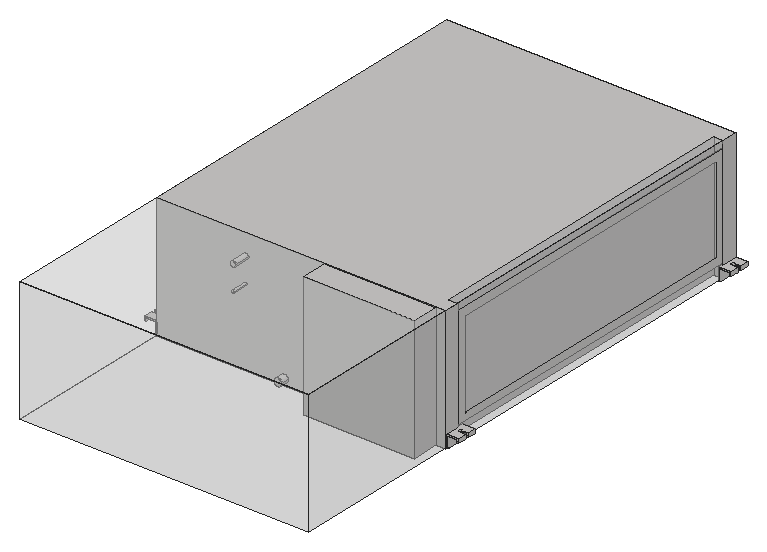
Revit family "outputfile", category 機械設備, Revit 2024
Family settings
  丸型コネクタ寸法 = 半径を使用
  パーツ タイプ = 標準
  OmniClass 番号 = 23.75.10.24.21.27.27
  OmniClass タイトル = Split System Air Conditioning Units
  作業面ベース = いいえ
  常に垂直 = はい
  ロード時にボイドで切り取り = いいえ
  注釈の向きを維持 = いいえ
  共有 = いいえ
  部屋計算ポイント = はい
Parameters (values of type "FXMQ72MFVJU")
  Description = ""
  製造元 = "Daikin"
  書き出し IFC クラス(タイプ) = "IfcUnitaryEquipmentType"
  定義済み IFC タイプ(タイプ) = "AIRCONDITIONINGUNIT"
  Cost = 0
  モデル = "FXMQ72MFVJU"
  Type Comments = ""
  Keynote = ""
  Type Image = (empty or 0)
  Assembly Code = ""
  w_dischargeflange = 1260.0 mm
  w_suctionflange = 1260.0 mm
  r_Liquid Pipe Size = Liquid Pipe Size / 2  # 4.75 mm
  r_Gas Pipe Size = Gas Pipe Size / 2  # 9.55 mm
  r_Drain Pipe Size = Drain Pipe Size / 2  # 13.8 mm
  lw_powersupply = 247.5 mm  # constant formula
  lw_mountinghole_pitch = 1148.0 mm  # constant formula
  lw_mountinghole = if(Depth = 744.0 mm, 29.5 mm, if(Depth = 1380.0 mm, 42.0 mm, 42.0 mm))  # 42.0 mm
  lw_liquidpipe = 760.0 mm  # constant formula
  lw_gaspipe = 760.0 mm  # constant formula
  lw_drainpipe = 613.0 mm  # constant formula
  lh_dischargeflange = 250.0 mm  # constant formula
  lh_powersupply = 20.0 mm  # constant formula
  lh_liquidpipe = 296.0 mm  # constant formula
  lh_gaspipe = 390.0 mm  # constant formula
  lh_drainpipe = 25.0 mm  # constant formula
  lh_suctionflange = 250.0 mm  # constant formula
  lh_antena = Height - lh_mountinghole + 1.0 mm  # 421.0 mm
  ld_dischargeflange = 690.0 mm
  ld_powersupply = 211.5 mm  # constant formula
  ld_mountinghole_pitch = if(Depth = 744.0 mm, 685.0 mm, if(Depth = 1380.0 mm, 1296.0 mm, 1296.0 mm))  # 1296.0 mm
  ld_suctionflange = 690.0 mm
  h_dischargeflange = 390.0 mm  # constant formula
  lh_mountinghole = 50.0 mm  # constant formula
  h_mountinghole = [h***] + lh_mountinghole  # 50.0 mm
  h_suctionflange = 390.0 mm  # constant formula
  h*** = 0.0 mm  # constant formula
  d_dischargeflange = 25.0 mm  # constant formula
  d_pipe = if(Depth = 744.0 mm, 61.0 mm, if(Depth = 1380.0 mm, 60.0 mm, 60.0 mm))  # 60.0 mm
  d_suctionflange = 25.0 mm  # constant formula
  Width = 1100.0 mm
  Voltage_comment_60Hz = "208-230"
  Voltage_60Hz = 208 V
  Version = "ver.1.0"
  Unit Type = "Outdoor Air Processing Unit"
  Unit Mass Weight = 123.00 kg
  Unit Designation [instance] = ""
  Uniclass2015Version = "Products v1.30"
  Uniclass2015Title = "Variable refrigerant flow units"
  Uniclass2015Code = "Pr_70_65_03_94"
  URL = ""
  Total Heating Capacity [instance] = 0.000 kW
  Total Cooling Capacity [instance] = 0.000 kW
  Supply Air Direction [instance] = yes
  Sound Pressure Level_M speed (dBA) = 0
  Sound Pressure Level_L speed (dBA) = 0
  Sound Pressure Level_H speed (dBA) = 48
  Sound Power Level_H speed (dB) = 0
  Series = "VRV Fan Coil Unit"
  Sensible Cooling Capacity [instance] = 0.000 kW
  SA Duct Size Width = 1200.0 mm
  SA Duct Size Height = 330.0 mm
  Refrigerant Type = "R410A"
  Power Input (Heating) = 0.548 kW
  Power Input (Cooling) = 0.548 kW
  Phase_60Hz = 1
  Option Accessory 3 [instance] = ""
  Option Accessory 2 [instance] = ""
  Option Accessory 1 [instance] = ""
  OA Duct Size Width = 1200.0 mm
  OA Duct Size Height = 330.0 mm
  Nominal Heating Capacity = 13.900 kW
  Nominal Cooling Capacity = 22.400 kW
  Minimum External Static Pressure = 0.00 Pa
  Minimum Circuit Amps_60Hz = 3.6 A
  Minimum Airflow = 0.00 m³/h
  Median Airflow = 0.00 m³/h
  Maximum Fuse Amps_60Hz = 15.0 A
  Maximum External Static Pressure = 239.00 Pa
  Maximum Airflow = 1680.00 m³/h
  Material_Casing = DAIKIN_GalvanizedSteel_Casing_indoorunit
  Load Classification = HVAC
  Liquid Pipe Size = 9.5 mm
  Link_Nested Family [instance] = ""
  IfcVersion = "0"
  IfcExportType = "AIRCONDITIONINGUNIT"
  IfcExportAs = "IfcUnitaryEquipmentType"
  Height = 470.0 mm
  Heating Entering Wet Bulb Temperature [instance] = 0.00 °C
  Heating Entering Dry Bulb Temperature [instance] = 0.00 °C
  Heating Ambient Wet Bulb Temperature [instance] = 0.00 °C
  Heating Ambient Dry Bulb Temperature [instance] = 0.00 °C
  Heat Exchanger Type = "Cross Fin Coil"
  Gas Pipe Size = 19.1 mm
  Frequency_60Hz = 60 Hz
  Fan Type = "Sirocco Fan"
  Fan Drive = "Direct Drive"
  FCU Tag No. [instance] = ""
  Drain Pipe Size = 27.6 mm
  Design Supply Airflow [instance] = 0.00 m³/h
  Design Outdoor Airflow [instance] = 0.00 m³/h
  Design External Static Pressure [instance] = 0.00 Pa
  Depth = 1380.0 mm
  既定の高さ = 0.0 mm
  Cooling Entering Wet Bulb Temperature [instance] = 0.00 °C
  Cooling Entering Dry Bulb Temperature [instance] = 0.00 °C
  Cooling Ambient Wet Bulb Temperature [instance] = 0.00 °C
  Cooling Ambient Dry Bulb Temperature [instance] = 0.00 °C
  Clearance visibility [instance] = yes
  Clearance Top = 0.0 mm
  Clearance Right = 0.0 mm
  Clearance Rear = 0.0 mm
  Clearance Left = 0.0 mm
  Clearance Front = 650.0 mm
  Clearance Bottom = 0.0 mm
Reference planes
  plane 1 "Center (Front/Back)": y = 0
  plane 2: z = 0
  plane 3 "Center (Left/Right)": x = 0
  plane 4 "Back": y = 690
  plane 5 "Front": y = -690
  plane 6 "Left": x = -550
  plane 7 "Right": x = 550
  plane 8 "Top": z = 0
  plane 9 "Bottom": z = -470
  plane 10: y = 690
  plane 11: y = -1340
  plane 12: x = 550
  plane 13: x = -550
  plane 14: z = 0
  plane 15: z = -470
  plane 16: y = -792
  plane 17: y = -720
  plane 18: y = -750
  plane 19 "ld_drainpipe": x = -63
  plane 20 "ld_liquidpipe": x = -210
  plane 21 "ld_gaspipe": x = -210
  plane 22 "lh_gaspipe": z = -80
  plane 23 "lh_drainpipe": z = -445
  plane 24 "lh_liquidpipe": z = -174
  plane 25 "h_mountinghole": z = -420
  plane 26 "lh_powersuply": z = -450
  plane 27 "lh_suctionflange": z = -220
  plane 28 "ld_suctionflange": y = 0
  plane 29 "ld_dischargeflange": y = 0
  plane 30 "lh_dischargeflange": z = -220
  plane 31 "control box1": x = 514
  plane 32 "control box2": x = 91
  plane 33: y = -741
  plane 34 "lw_powersupply": x = 302.5
  plane 35: y = 648
  plane 36: y = -648
  plane 37: x = -574
  plane 38: x = 574
  plane 39 "w_suctionflange1": y = 630
  plane 40 "w_suctionflange2": y = -630
Forms (mm)
  Extrusion 1, solid, material "DAIKIN_GalvanizedSteel_Casing_indoorunit" <- "Material_Casing"
    sketch origin (0, 0, 0) x (1, 0, 0) y (0, 0, 1)
      loop
        line (-550, 0) -> (-550, -470) -> (550, -470) -> (550, 0) -> (-550, 0)
    from -690 to 690
  Extrusion 2, solid, material "DAIKIN_GalvanizedSteel_Casing_indoorunit" <- "Material_Casing"
    sketch origin (0, 0, 0) x (1, 0, 0) y (0, 0, 1)
      loop
        line (91, -470) -> (514, -470) -> (514, 0) -> (91, 0) -> (91, -470)
    from 690 to 792
  Extrusion 3, solid, material "DAIKIN_GalvanizedSteel_Casing_indoorunit" <- "Material_Casing"
    sketch origin (0, 0, 0) x (1, 0, 0) y (0, 0, 1)
      loop
        circle (-210, -174) r 4.75
      loop
        circle (-210, -80) r 9.55
    from 690 to 750
  Extrusion 4, solid, material "DAIKIN_GalvanizedSteel_Casing_indoorunit" <- "Material_Casing"
    sketch origin (63, 0, 0) x (1, 0, 0) y (0, 0, 1)
      loop
        circle (-126, -445) r 13.8
    from 690 to 720
  Extrusion 5, void
    sketch origin (0, 0, 0) x (0, 1, 0) y (0, 0, 1)
      loop
        line (-630, 545) -> (-630, -985) -> (630, -985) -> (630, 545) -> (-630, 545)
    from 514 to 550
Cuts and joins
  Extrusion 5 cuts Extrusion 1
Dimensions and locks
  "Height": plane 8 "Top" to plane 9 "Bottom"
  equal spacing: plane 6 "Left", plane 3 "Center (Left/Right)", plane 7 "Right"
  "Width": plane 6 "Left" to plane 7 "Right"
  equal spacing: plane 4 "Back", plane 1 "Center (Front/Back)", plane 5 "Front"
  "Depth": plane 4 "Back" to plane 5 "Front"
  "Clearance Left": plane 13 to plane 6 "Left"
  "Clearance Right": plane 7 "Right" to plane 12
  "Clearance Rear": plane 10 to plane 4 "Back"
  "Clearance Front": plane 5 "Front" to plane 11
  "Clearance Top": plane 14 to plane 8 "Top"
  "Clearance Bottom": plane 9 "Bottom" to plane 15
  locked: plane 5 "Front" to plane 16 at 102
  "d_pipe": plane 5 "Front" to plane 18
  "lw_drainpipe": plane 19 "ld_drainpipe" to plane 7 "Right"
  "lw_liquidpipe": plane 20 "ld_liquidpipe" to plane 7 "Right"
  "lw_gaspipe": plane 21 "ld_gaspipe" to plane 7 "Right"
  "lh_gaspipe": plane 22 "lh_gaspipe" to plane 9 "Bottom"
  "lh_liquidpipe": plane 24 "lh_liquidpipe" to plane 9 "Bottom"
  "lh_drainpipe": plane 23 "lh_drainpipe" to plane 9 "Bottom"
  "lh_mountinghole": plane 25 "h_mountinghole" to plane 9 "Bottom"
  "lh_powersupply": plane 26 "lh_powersuply" to plane 9 "Bottom"
  "lh_suctionflange": plane 27 "lh_suctionflange" to plane 9 "Bottom"
  "ld_suctionflange": plane 28 "ld_suctionflange" to plane 5 "Front"
  "ld_dischargeflange": plane 4 "Back" to plane 29 "ld_dischargeflange"
  "lh_dischargeflange": plane 30 "lh_dischargeflange" to plane 9 "Bottom"
  locked: plane 5 "Front" to plane 17 at 30
  locked: plane 32 "control box2" to plane 31 "control box1" at 423
  locked: plane 31 "control box1" to plane 7 "Right" at 36
  "lw_powersupply": plane 34 "lw_powersupply" to plane 7 "Right"
  equal spacing: plane 37, plane 3 "Center (Left/Right)", plane 38
  "lw_mountinghole_pitch": plane 37 to plane 38
  "lw_mountinghole": plane 36 to plane 5 "Front"
  "ld_mountinghole_pitch": plane 35 to plane 36
  equal spacing: plane 5 "Front", plane 33, plane 16, locked at 51 each
  equal spacing: plane 39 "w_suctionflange1", plane 29 "ld_dischargeflange", plane 40 "w_suctionflange2"
  "w_suctionflange": plane 39 "w_suctionflange1" to plane 40 "w_suctionflange2"
  "r_Liquid Pipe Size": radius of Extrusion 3 sketch curve
  "r_Gas Pipe Size": radius of Extrusion 3 sketch curve
  "r_Drain Pipe Size": radius of Extrusion 4 sketch curve
  aligned and locked: level to plane 2
  aligned and locked: Extrusion 1 sketch curve to plane 8 "Top"
  aligned and locked: Extrusion 1 sketch curve to plane 6 "Left"
  aligned and locked: plane 9 "Bottom" to Extrusion 1 sketch curve
  aligned and locked: Extrusion 1 sketch curve to plane 7 "Right"
  aligned and locked: plane 4 "Back" to Extrusion 1
  aligned and locked: Extrusion 1 to plane 5 "Front"
  aligned and locked: plane 10 to nested 1
  aligned and locked: plane 11 to nested 1
  aligned and locked: plane 12 to nested 1
  aligned and locked: nested 1 to plane 13
  aligned and locked: plane 15 to nested 1
  aligned and locked: plane 14 to nested 1
  aligned and locked: Extrusion 2 to plane 16
  aligned and locked: plane 5 "Front" to Extrusion 2
  aligned and locked: plane 24 "lh_liquidpipe" to Extrusion 3 sketch curve
  aligned and locked: plane 20 "ld_liquidpipe" to Extrusion 3 sketch curve
  aligned and locked: plane 21 "ld_gaspipe" to Extrusion 3 sketch curve
  aligned and locked: plane 22 "lh_gaspipe" to Extrusion 3 sketch curve
  aligned and locked: Extrusion 3 to plane 18
  aligned and locked: plane 5 "Front" to Extrusion 3
  aligned and locked: nested 2 to plane 5 "Front"
  aligned and locked: nested 2 to plane 19 "ld_drainpipe"
  aligned and locked: plane 23 "lh_drainpipe" to nested 2
  aligned and locked: nested 3 to plane 5 "Front"
  aligned and locked: nested 4 to plane 5 "Front"
  aligned and locked: plane 24 "lh_liquidpipe" to nested 3
  aligned and locked: plane 22 "lh_gaspipe" to nested 4
  aligned and locked: plane 25 "h_mountinghole" to nested 5
  aligned and locked: plane 25 "h_mountinghole" to nested 6
  aligned and locked: nested 7 to plane 25 "h_mountinghole"
  aligned and locked: nested 8 to plane 25 "h_mountinghole"
  aligned and locked: nested 13 to plane 26 "lh_powersuply"
  aligned and locked: plane 1 "Center (Front/Back)" to nested 14
  aligned and locked: nested 14 to plane 3 "Center (Left/Right)"
  aligned and locked: nested 15 to plane 29 "ld_dischargeflange"
  aligned and locked: nested 15 to plane 6 "Left"
  aligned and locked: plane 30 "lh_dischargeflange" to nested 15
  aligned and locked: nested 16 to plane 6 "Left"
  aligned and locked: nested 16 to plane 29 "ld_dischargeflange"
  aligned and locked: plane 28 "ld_suctionflange" to nested 17
  aligned and locked: nested 17 to plane 27 "lh_suctionflange"
  aligned and locked: nested 16 to plane 30 "lh_dischargeflange"
  aligned and locked: nested 3 to plane 20 "ld_liquidpipe"
  aligned and locked: nested 4 to plane 21 "ld_gaspipe"
  aligned and locked: Extrusion 2 sketch curve to plane 31 "control box1"
  aligned and locked: Extrusion 2 sketch curve to plane 32 "control box2"
  aligned and locked: Extrusion 2 sketch curve to plane 14
  aligned and locked: Extrusion 2 sketch curve to plane 15
  aligned and locked: plane 19 "ld_drainpipe" to Extrusion 4 sketch curve
  aligned and locked: plane 23 "lh_drainpipe" to Extrusion 4 sketch curve
  aligned and locked: Extrusion 4 to plane 17
  aligned and locked: nested 13 to plane 34 "lw_powersupply"
  aligned and locked: plane 33 to nested 13
  aligned and locked: nested 5 to plane 35
  aligned and locked: plane 35 to nested 7
  aligned and locked: nested 6 to plane 36
  aligned and locked: plane 36 to nested 8
  aligned and locked: nested 18 to plane 1 "Center (Front/Back)"
  aligned and locked: plane 27 "lh_suctionflange" to nested 18
  aligned and locked: Extrusion 5 sketch curve to plane 39 "w_suctionflange1"
  aligned and locked: Extrusion 5 sketch curve to plane 40 "w_suctionflange2"
  aligned and locked: plane 7 "Right" to Extrusion 5
  aligned and locked: plane 7 "Right" to nested 18
  aligned and locked: plane 3 "Center (Left/Right)" to nested 17
  aligned and locked: nested 11 to plane 37
  aligned and locked: nested 12 to plane 38
  aligned and locked: nested 10 to plane 37
  aligned and locked: nested 9 to plane 38
  aligned and locked: nested 5 to plane 6 "Left"
  aligned and locked: nested 7 to plane 7 "Right"
  aligned and locked: nested 8 to plane 7 "Right"
  aligned and locked: nested 9 to plane 36
  aligned and locked: nested 10 to plane 36
  aligned and locked: nested 12 to plane 35
  aligned and locked: nested 11 to plane 35
  aligned and locked: Extrusion 5 to Extrusion 2
  aligned and locked: plane 5 "Front" to Extrusion 4
Automatic sketch dimensions
  level to Extrusion 5 sketch curve = 545.0 mm
  Extrusion 5 sketch curve to plane 9 "Bottom" = 515.0 mm
Nested families
  nested 1: "daikin_clearancespace" at (0, -325, -234.881), visible <- "Clearance visibility", show <- "Clearance visibility", Link_Nested Family <- "Link_Nested Family", type "daikin_clearancespace"
    with width 1100.0 mm, show yes, height 470.0 mm, depth 2030.0 mm, Link_Nested Family ""
  nested 2: "daikin_connector_rotate2" at (-63, -690, -445), radius <- "r_Drain Pipe Size", type "daikin_connector_rotate2"
    with radius 13.8 mm, length 30.0 mm, angle_vertical 90.00°, show_face no
  nested 3: "daikin_connector_rotate2" at (-210, -690, -174), length <- "d_pipe", radius <- "r_Liquid Pipe Size", type "daikin_connector_rotate2"
    with radius 4.75 mm, length 60.0 mm, angle_vertical 90.00°, show_face no
  nested 4: "daikin_connector_rotate2" at (-210, -690, -80), length <- "d_pipe", radius <- "r_Gas Pipe Size", type "daikin_connector_rotate2"
    with radius 9.55 mm, length 60.0 mm, angle_vertical 90.00°, show_face no
  nested 5: "daikin_hangerfixture_FXMQ-MFVJU" at (-550, 648, -420) x (0, -1, 0) z (0, 0, 1), type "daikin_hangerfixture_FXMQ-MFVJU"
    with width 80.0 mm, D 1380.0 mm
  nested 6: "daikin_hangerfixture_FXMQ-MFVJU" at (-550, -648, -420) x (0, -1, 0) z (0, 0, 1), type "daikin_hangerfixture_FXMQ-MFVJU"
    with width 80.0 mm, D 1380.0 mm
  nested 7: "daikin_hangerfixture_FXMQ-MFVJU" at (550, 648, -420) x (0, -1, 0) z (0, 0, 1), type "daikin_hangerfixture_FXMQ-MFVJU"
    with width 80.0 mm, D 1380.0 mm
  nested 8: "daikin_hangerfixture_FXMQ-MFVJU" at (550, -648, -420) x (0, -1, 0) z (0, 0, 1), type "daikin_hangerfixture_FXMQ-MFVJU"
    with width 80.0 mm, D 1380.0 mm
  nested 9: "daikin_mountinghole" at (574, -648, -470), Link_Nested Family <- "Link_Nested Family", l_antenna <- "lh_antena", h_mountinghole <- "h_mountinghole", type "daikin_mountinghole"
    with show yes, l_antenna 421.0 mm, h_mountinghole 50.0 mm, Link_Nested Family ""
  nested 10: "daikin_mountinghole" at (-574, -648, -470), Link_Nested Family <- "Link_Nested Family", l_antenna <- "lh_antena", h_mountinghole <- "h_mountinghole", type "daikin_mountinghole"
    with show yes, l_antenna 421.0 mm, h_mountinghole 50.0 mm, Link_Nested Family ""
  nested 11: "daikin_mountinghole" at (-574, 648, -470), Link_Nested Family <- "Link_Nested Family", l_antenna <- "lh_antena", h_mountinghole <- "h_mountinghole", type "daikin_mountinghole"
    with show yes, l_antenna 421.0 mm, h_mountinghole 50.0 mm, Link_Nested Family ""
  nested 12: "daikin_mountinghole" at (574, 648, -470), Link_Nested Family <- "Link_Nested Family", l_antenna <- "lh_antena", h_mountinghole <- "h_mountinghole", type "daikin_mountinghole"
    with show yes, l_antenna 421.0 mm, h_mountinghole 50.0 mm, Link_Nested Family ""
  nested 13: "daikin_connector_rotate2" at (302.5, -741, -450) x (0, 1, 0) z (0, 0, 1), length <- "ld_powersupply", type "daikin_connector_rotate2"
    with radius 10.0 mm, length 211.5 mm, angle_vertical 90.00°, show_face no
  nested 14: "daikin_△_symbolicline" at (0, 0, 470) x (0, -1, 0) z (0, 0, 1), visible <- "Supply Air Direction", built-in parameter 1001364 <- "Height", type "daikin_△_symbolicline"
    with length 300.0 mm
  nested 15: "daikin_ductflange_FXMQ-MFVJU_1" at (-550, 0, -415) x (0, -1, 0) z (0, 0, 1), material <- "Material_Casing", depth <- "d_dischargeflange", height <- "h_dischargeflange", width <- "w_dischargeflange", type "daikin_ductflange_FXMQ-MFVJU_1"
    with width 1260.0 mm, top1 30.0 mm, right1 30.0 mm, material DAIKIN_GalvanizedSteel_Casing_indoorunit, left1 30.0 mm, height 390.0 mm, depth 25.0 mm, Bottom1 30.0 mm
  nested 16: "daikin_connector_rotate2" at (-550, 0, -220) x (0, -1, 0) z (0, 0, 1), length <- "d_dischargeflange", type "daikin_connector_rotate2"
    with radius 10.0 mm, length 25.0 mm, angle_vertical 90.00°, show_face no
  nested 17: "daikin_connector_rotate2" at (0, 0, -220) x (0, 1, 0) z (0, 0, 1), type "daikin_connector_rotate2"
    with radius 10.0 mm, length 550.0 mm, angle_vertical 90.00°, show_face no
  nested 18: "daikin_ductflange_FXMQ-MFVJU_2" at (549, 0, -415) x (0, 1, 0) z (0, 0, 1), width <- "w_suctionflange", height <- "h_suctionflange", type "daikin_ductflange_FXMQ-MFVJU_2"
    with width 1260.0 mm, height 390.0 mm, depth 1.0 mm
Connectors
  piping at (-210, -750, -174), diameter 9.5, driven by "r_Liquid Pipe Size"
    settings: on nested 3, index 2, connector inside diameter 609.6 mm, connector length 0.0 mm, flow factor 0, pipe flow 0.00 m³/h, pressure drop 0.0 Pa, fitting loss kfactor 0, connector angle 0.00°, fixture units 0, engagement length 0.0 mm, angle of deflection 0.00°, flow configuration 1, flow direction 1, fitting loss method 0, system type 29, joint type 0, gender type 0, connector reference index -1, connector utility 0, adjustable connector no, is connector primary yes, connector description "Refrigerant Liquid Piping"
  piping at (-210, -750, -80), diameter 19.1, driven by "r_Gas Pipe Size"
    settings: on nested 4, index 3, connector inside diameter 609.6 mm, connector length 0.0 mm, flow factor 0, pipe flow 0.00 m³/h, pressure drop 0.0 Pa, fitting loss kfactor 0, connector angle 0.00°, fixture units 0, engagement length 0.0 mm, angle of deflection 0.00°, flow configuration 1, flow direction 2, fitting loss method 0, system type 29, joint type 0, gender type 0, connector reference index -1, connector utility 0, adjustable connector no, is connector primary no, connector description "Refrigerant Gas Piping"
  electrical at (514, -741, -450), driven by "Load Classification"
    settings: on nested 13, index 4, voltage 0 V, apparent load 0 VA, apparent load phase1 0 VA, apparent load phase2 0 VA, apparent load phase3 0 VA, power factor 1, load classification "HVAC", number of poles 1, system type 30, power factor state 1, is connector primary yes, connector utility no, sub classification motor no, connector description "Power Supply"
  hvac at (-575, 0, -220), driven by "SA Duct Size Height", driven by "SA Duct Size Width"
    settings: on nested 15, index 6, duct flow 0.00 m³/h, flow factor 0, pres drop 0.00 Pa, loss coef 0, conn angle 0.00°, conn width 1200.0 mm, conn height 330.0 mm, conn diameter 609.6 mm, duct sys type 1, conn prof type 1, flow config 0, flow direction 2, loss method 4, conn ref index -1, conn util no, is conn primary yes, conn desc "SA Duct"
  piping at (-63, -720, -445), diameter 27.6, driven by "r_Drain Pipe Size"
    settings: on Extrusion 4, index 7, connector inside diameter 609.6 mm, connector length 0.0 mm, flow factor 0, pipe flow 0.00 m³/h, pressure drop 0.0 Pa, fitting loss kfactor 0, connector angle 0.00°, fixture units 0, engagement length 0.0 mm, angle of deflection 0.00°, flow configuration 1, flow direction 2, fitting loss method 4, system type 16, joint type 0, gender type 0, connector reference index -1, connector utility 0, adjustable connector no, is connector primary no, connector description "Condensate Drain Piping"
  hvac at (550, 0, -220), driven by "OA Duct Size Height", driven by "OA Duct Size Width"
    settings: on nested 18, index 8, duct flow 0.00 m³/h, flow factor 0, pres drop 0.00 Pa, loss coef 0, conn angle 0.00°, conn width 1200.0 mm, conn height 330.0 mm, conn diameter 609.6 mm, duct sys type 1, conn prof type 1, flow config 0, flow direction 1, loss method 4, conn ref index -1, conn util no, is conn primary no, conn desc "OA Duct"
Definition of nested family "daikin_clearancespace"
  Parameters (values of type "daikin_clearancespace")
    width [instance] = 1823.963 mm
    show [instance] = yes
    material = none
    height [instance] = 1359.762 mm
    depth [instance] = 880.0 mm
    Default Elevation = 0.0 mm
    Link_Nested Family [instance] = ""
  Reference planes
    plane 1 "Center (Front/Back)": y = 0
    plane 2 "Center (Elevation)": z = -0.119
    plane 3 "Center (Left/Right)": x = 0
    plane 4: y = 440
    plane 5: y = -440
    plane 6 "Right": x = 911.982
    plane 7 "Left": x = -911.982
    plane 8 "Top": z = 679.762
    plane 9 "Bottom": z = -680
  Forms (mm)
    Extrusion 1, solid, material <- "material", visible <- "show"
      sketch origin (0, 0, 0) x (1, 0, 0) y (0, 1, 0)
        loop
          line (-911.982, 440) -> (-911.982, -440) -> (911.982, -440) -> (911.982, 440) -> (-911.982, 440)
      from -680 to 679.762
  Lines and regions (mm)
    symbolic lines, visible <- "show"
      curve 1: line (911.982, 440, 0) -> (-911.982, 440, 0)
      curve 2: line (-911.982, 440, 0) -> (-911.982, -440, 0)
      curve 3: line (-911.982, -440, 0) -> (911.982, -440, 0)
      curve 4: line (911.982, -440, 0) -> (911.982, 440, 0)
      curve 5: line (911.982, 0, 679.762) -> (-911.982, 0, 679.762)
      curve 6: line (911.982, 0, -680) -> (911.982, 0, 679.762)
      curve 7: line (-911.982, 0, -680) -> (911.982, 0, -680)
      curve 8: line (-911.982, 0, 679.762) -> (-911.982, 0, -680)
      curve 9: line (0, 440, 679.762) -> (0, -440, 679.762)
      curve 10: line (0, -440, 679.762) -> (0, -440, -680)
      curve 11: line (0, 440, -680) -> (0, 440, 679.762)
      curve 12: line (0, -440, -680) -> (0, 440, -680)
  Dimensions and locks
    "width": plane 7 "Left" to plane 6 "Right"
    "depth": plane 4 to plane 5
    "height": plane 8 "Top" to plane 9 "Bottom"
    equal spacing: plane 7 "Left", plane 3 "Center (Left/Right)", plane 6 "Right"
    equal spacing: plane 4, plane 1 "Center (Front/Back)", plane 5
    equal spacing: plane 8 "Top", plane 2 "Center (Elevation)", plane 9 "Bottom"
    aligned and locked: level to plane 2 "Center (Elevation)"
    aligned and locked: Extrusion 1 sketch curve to plane 4
    aligned and locked: plane 7 "Left" to Extrusion 1 sketch curve
    aligned and locked: Extrusion 1 sketch curve to plane 5
    aligned and locked: Extrusion 1 sketch curve to plane 6 "Right"
    aligned and locked: plane 8 "Top" to Extrusion 1
    aligned and locked: curve 1 to Extrusion 1
    aligned and locked: curve 2 to Extrusion 1
    aligned and locked: curve 3 to Extrusion 1
    aligned and locked: curve 4 to Extrusion 1
    aligned and locked: curve 5 to Extrusion 1
    aligned and locked: curve 6 to Extrusion 1
    aligned and locked: curve 7 to Extrusion 1
    aligned and locked: curve 8 to Extrusion 1
    aligned and locked: curve 9 to Extrusion 1
    aligned and locked: curve 10 to Extrusion 1
    aligned and locked: curve 11 to Extrusion 1
    aligned and locked: curve 12 to Extrusion 1
    aligned and locked: Extrusion 1 to plane 9 "Bottom"
Definition of nested family "daikin_hangerfixture_FXMQ-MFVJU"
  Parameters (values of type "daikin_hangerfixture_CeilingMountedDuct")
    width = if(D = 744.0 mm, 55.0 mm, if(D = 1380.0 mm, 80.0 mm, 80.0 mm))  # 55.0 mm
    material = none
    height = 50.0 mm
    depth = 47.0 mm
    Default Elevation = 0.0 mm
    D = 744.0 mm
  Reference planes
    plane 1 "Center (Front/Back)": y = 0
    plane 2: z = 0
    plane 3 "Center (Left/Right)": x = 0
    plane 4: y = 417.146
    plane 5: y = -47
    plane 6: x = -27.5
    plane 7: x = 27.5
    plane 8: z = -5
    plane 9: z = -50
    plane 10: y = -5
    plane 11: y = -42
    plane 12: y = -24
    plane 13: z = -15
  Forms (mm)
    Extrusion 1, solid, material <- "material"
      sketch origin (0, 0, 0) x (1, 0, 0) y (0, 1, 0)
        loop
          line (27.5, 0) -> (-27.5, 0) -> (-27.5, -47) -> (-7, -47) -> (-7, -24)
          arc (-7, -24) -> (0, -17) -> (7, -24) r 7
          line (7, -24) -> (7, -47) -> (27.5, -47) -> (27.5, 0)
      from 0 to -5
    Extrusion 2, solid, material <- "material"
      sketch origin (0, 0, 0) x (1, 0, 0) y (0, 0, 1)
        loop
          line (27.5, -40) -> (27.5, 0) -> (-27.5, 0) -> (-27.5, -40)
          arc (-27.5, -40) -> (-24.571, -47.071) -> (-17.5, -50) r 10
          line (-17.5, -50) -> (17.5, -50)
          arc (17.5, -50) -> (24.571, -47.071) -> (27.5, -40) r 10
      from 0 to 5
    Extrusion 3, solid, material <- "material"
      sketch origin (0, 0, 0) x (1, 0, 0) y (0, 0, 1)
        loop
          line (-7, -12) -> (-7, 0) -> (-27.5, 0) -> (-27.5, -12)
          arc (-27.5, -12) -> (-26.621, -14.121) -> (-24.5, -15) r 3
          line (-24.5, -15) -> (-10, -15)
          arc (-10, -15) -> (-7.879, -14.121) -> (-7, -12) r 3
        loop
          line (7, 0) -> (7, -12)
          arc (7, -12) -> (7.879, -14.121) -> (10, -15) r 3
          line (10, -15) -> (24.5, -15)
          arc (24.5, -15) -> (26.621, -14.121) -> (27.5, -12) r 3
          line (27.5, -12) -> (27.5, 0) -> (7, 0)
      from 42 to 47
  Cuts and joins
    joined: Extrusion 1, Extrusion 2, Extrusion 3
  Dimensions and locks
    "width": plane 6 to plane 7
    "depth": plane 5 to plane 1 "Center (Front/Back)"
    locked: plane 2 to plane 8 at 5
    "height": plane 2 to plane 9
    locked: plane 10 to plane 1 "Center (Front/Back)" at 5
    locked: plane 11 to plane 5 at 5
    locked: plane 2 to plane 13 at 15
    equal spacing: plane 6, plane 3 "Center (Left/Right)", plane 7
    plane 12 to plane 1 "Center (Front/Back)" = 24.0 mm
    aligned and locked: level to plane 2
    aligned and locked: Extrusion 1 sketch curve to plane 1 "Center (Front/Back)"
    aligned and locked: plane 7 to Extrusion 1
    aligned and locked: Extrusion 1 to plane 6
    aligned and locked: Extrusion 1 to plane 5  (x2)
    aligned and locked: Extrusion 1 to plane 8
    aligned and locked: plane 2 to Extrusion 1
    aligned and locked: plane 2 to Extrusion 2 sketch curve
    aligned and locked: Extrusion 2 to plane 10
    aligned and locked: Extrusion 2 to plane 1 "Center (Front/Back)"
    aligned and locked: plane 2 to Extrusion 3 sketch curve  (x2)
    aligned and locked: plane 11 to Extrusion 3
    aligned and locked: Extrusion 3 to plane 5
    aligned and locked: plane 9 to Extrusion 2 sketch curve
    aligned and locked: cut or joined group of Extrusion 1, Extrusion 2, Extrusion 3 to plane 13  (x2)
    aligned and locked: plane 3 "Center (Left/Right)" to Extrusion 1 sketch curve
    aligned and locked: cut or joined group of Extrusion 1, Extrusion 2, Extrusion 3 to cut or joined group of Extrusion 1, Extrusion 2, Extrusion 3  (x2)
  Automatic sketch dimensions
    Extrusion 1 sketch curve to plane 6 = 0.0 mm
    Extrusion 1 sketch curve to plane 5 = 0.0 mm  (x2)
    Extrusion 1 sketch curve to plane 7 = 0.0 mm
    Extrusion 1 sketch curve to plane 3 "Center (Left/Right)" = 7.0 mm
    Extrusion 2 sketch curve to plane 7 = 0.0 mm
    Extrusion 2 sketch curve to plane 7 = 10.0 mm
    plane 6 to Extrusion 2 sketch curve = 10.0 mm
    Extrusion 2 sketch curve to plane 6 = 0.0 mm
    Extrusion 3 sketch curve to plane 6 = 0.0 mm
    Extrusion 3 sketch curve to plane 7 = 0.0 mm
    Extrusion 3 sketch curve to Extrusion 3 sketch curve = 3.0 mm  (x3)
    Extrusion 3 sketch curve to plane 8 = 7.0 mm
    Extrusion 3 sketch curve to plane 3 "Center (Left/Right)" = 7.0 mm
    plane 3 "Center (Left/Right)" to Extrusion 3 sketch curve = 7.0 mm
    Extrusion 3 sketch curve to plane 7 = 3.0 mm
    Extrusion 3 sketch curve to plane 8 = 10.0 mm
    Extrusion 1 sketch curve to plane 12 = 0.0 mm
Definition of nested family "daikin_ductflange_FXMQ-MFVJU_1"
  Parameters (values of type "daikin_ductflange_FXMQ-MFV1")
    width [instance] = 670.0 mm
    right1 [instance] = 22.5 mm
    left1 [instance] = 22.5 mm
    Bottom1 [instance] = 25.0 mm
    material [instance] = none
    height [instance] = 272.0 mm
    depth [instance] = 25.0 mm
    top1 [instance] = 25.0 mm
    Default Elevation = 0.0 mm
  Reference planes
    plane 1 "Center (Front/Back)": y = 0
    plane 2: z = 0
    plane 3 "Center (Left/Right)": x = 0
    plane 4: y = -25
    plane 5: x = -335
    plane 6: x = 335
    plane 7 "Top": z = 272
    plane 8: y = -1
    plane 9: x = -312.5
    plane 10: x = 312.5
    plane 11: z = 247
    plane 12: z = 25
    plane 13 "Center (Elevation)": z = 136
  Forms (mm)
    Extrusion 1, solid, material <- "material"
      sketch origin (0, 0, 0) x (1, 0, 0) y (0, 0, 1)
        loop
          line (-335, 272) -> (-335, 0) -> (335, 0) -> (335, 272) -> (-335, 272)
        loop
          line (-312.5, 247) -> (-312.5, 25) -> (312.5, 25) -> (312.5, 247) -> (-312.5, 247)
      from 0 to 1
    Extrusion 2, solid, material <- "material"
      sketch origin (0, 0, 0) x (1, 0, 0) y (0, 1, 0)
        loop
          line (-312.5, -1) -> (-317.5, -1) -> (-317.5, -25) -> (-312.5, -25) -> (-312.5, -1)
        loop
          line (312.5, -1) -> (312.5, -25) -> (317.5, -25) -> (317.5, -1) -> (312.5, -1)
      from 0 to 272
    Extrusion 3, solid, material <- "material"
      sketch origin (0, 0, 0) x (0, 1, 0) y (0, 0, 1)
        loop
          line (-1, 247) -> (-1, 252) -> (-25, 252) -> (-25, 247) -> (-1, 247)
        loop
          line (-1, 25) -> (-25, 25) -> (-25, 20) -> (-1, 20) -> (-1, 25)
      from -312.5 to 312.5
  Cuts and joins
    joined: Extrusion 1, Extrusion 2, Extrusion 3
  Dimensions and locks
    "height": plane 7 "Top" to plane 2
    "width": plane 5 to plane 6
    equal spacing: plane 5, plane 3 "Center (Left/Right)", plane 6
    "depth": plane 1 "Center (Front/Back)" to plane 4
    locked: plane 8 to plane 1 "Center (Front/Back)" at 1
    "left1": plane 5 to plane 9
    "right1": plane 10 to plane 6
    locked: Extrusion 2 sketch curve to Extrusion 2 sketch curve at 5  (x2)
    "top1": plane 7 "Top" to plane 11
    "Bottom1": plane 12 to plane 2
    equal spacing: plane 7 "Top", plane 13 "Center (Elevation)", plane 2
    locked: Extrusion 3 sketch curve to cut or joined group of Extrusion 1, Extrusion 2, Extrusion 3 at 5
    locked: Extrusion 3 sketch curve to Extrusion 3 sketch curve at 5
    aligned and locked: level to plane 2
    aligned and locked: Extrusion 1 sketch curve to plane 7 "Top"
    aligned and locked: plane 5 to Extrusion 1 sketch curve
    aligned and locked: Extrusion 1 sketch curve to plane 6
    aligned and locked: plane 2 to Extrusion 1 sketch curve
    aligned and locked: Extrusion 1 to plane 8
    aligned and locked: Extrusion 2 sketch curve to plane 8
    aligned and locked: Extrusion 2 sketch curve to plane 9
    aligned and locked: plane 8 to Extrusion 2 sketch curve
    aligned and locked: Extrusion 2 sketch curve to plane 10
    aligned and locked: plane 8 to Extrusion 3 sketch curve
    aligned and locked: Extrusion 3 sketch curve to plane 8
    aligned and locked: plane 4 to Extrusion 2 sketch curve
    aligned and locked: Extrusion 2 sketch curve to plane 4
    aligned and locked: plane 4 to Extrusion 3 sketch curve
    aligned and locked: Extrusion 3 sketch curve to plane 4
    aligned and locked: plane 9 to Extrusion 1 sketch curve
    aligned and locked: Extrusion 1 sketch curve to plane 10
    aligned and locked: plane 12 to Extrusion 1 sketch curve
    aligned and locked: Extrusion 1 sketch curve to plane 11
    aligned and locked: plane 10 to cut or joined group of Extrusion 1, Extrusion 2, Extrusion 3
    aligned and locked: cut or joined group of Extrusion 1, Extrusion 2, Extrusion 3 to plane 9
    aligned and locked: plane 7 "Top" to cut or joined group of Extrusion 1, Extrusion 2, Extrusion 3
    aligned and locked: cut or joined group of Extrusion 1, Extrusion 2, Extrusion 3 to plane 2
  Automatic sketch dimensions
    Extrusion 3 sketch curve to plane 11 = 0.0 mm
    Extrusion 3 sketch curve to plane 12 = 0.0 mm
Definition of nested family "daikin_ductflange_FXMQ-MFVJU_2"
  Parameters (values of type "daikin_ductflange_FXDSQ-AVM2")
    width [instance] = 624.0 mm
    material = none
    height [instance] = 390.0 mm
    depth [instance] = 1.0 mm
    Default Elevation = 0.0 mm
  Reference planes
    plane 1 "Center (Front/Back)": y = 0
    plane 2: z = 0
    plane 3 "Center (Left/Right)": x = 0
    plane 4: x = -312
    plane 5: x = 312
    plane 6 "Top": z = 390
    plane 7: y = -1
    plane 8: z = 360
    plane 9: z = 30
    plane 10 "Center (Elevation)": z = 195
    plane 11: x = -282
    plane 12: x = 282
  Forms (mm)
    Extrusion 1, solid, material <- "material"
      sketch origin (0, 0, 0) x (1, 0, 0) y (0, 0, 1)
        loop
          line (-312, 390) -> (-312, 0) -> (312, 0) -> (312, 390) -> (-312, 390)
        loop
          line (-282, 360) -> (-282, 30) -> (282, 30) -> (282, 360) -> (-282, 360)
      from 0 to 1
  Dimensions and locks
    "height": plane 6 "Top" to plane 2
    "width": plane 4 to plane 5
    equal spacing: plane 4, plane 3 "Center (Left/Right)", plane 5
    Extrusion 1 sketch curve to Extrusion 1 sketch curve = 30.0 mm  (x4)
    "depth": plane 7 to plane 1 "Center (Front/Back)"
    locked: plane 6 "Top" to plane 8 at 30
    locked: plane 9 to plane 2 at 30
    equal spacing: plane 6 "Top", plane 10 "Center (Elevation)", plane 2
    locked: plane 11 to plane 4 at 30
    plane 5 to plane 12 = 30.0 mm
    aligned and locked: level to plane 2
    aligned and locked: Extrusion 1 sketch curve to plane 6 "Top"
    aligned and locked: plane 4 to Extrusion 1 sketch curve
    aligned and locked: Extrusion 1 sketch curve to plane 5
    aligned and locked: plane 2 to Extrusion 1 sketch curve
    aligned and locked: plane 11 to Extrusion 1  (x2)
    aligned and locked: Extrusion 1 to plane 12  (x2)
    aligned and locked: Extrusion 1 to plane 8
    aligned and locked: plane 9 to Extrusion 1
Definition of nested family "daikin_connector_rotate2"
  Parameters (values of type "daikin_connector_rotate2")
    show_face = yes
    radius [instance] = 10.0 mm
    length [instance] = 600.0 mm
    d_surface = 10.0 mm
    angle_vertical [instance] = 90.00°
    Default Elevation = 0.0 mm
  Reference planes
    plane 1 "Center (Front/Back)": y = 0
    plane 2: z = 0
    plane 3 "Center (Left/Right)": x = 0
  Forms (mm)
    Extrusion 1, solid, visible <- "show_face"
      sketch origin (0, -600, 0) x (1, 0, 0) y (0, 0, 1)
        loop
          circle (0, 0) r 10
      from 0 to -10
  Lines and regions (mm)
    reference lines
      curve 1: line (0, 0, 0) -> (0, -600, 0)
    symbolic lines
      curve 2: circle (0, 0, 0) r 5 normal (0, 0, 1)
    model lines, visible <- "show_face"
      curve 3: line (0, 0, 0) -> (0, -600, 0)
  Dimensions and locks
    "length": curve 1 to curve 1
    "length": curve 3 to curve 3
    "d_surface": Extrusion 1 to Extrusion 1
    "radius": radius of Extrusion 1 sketch curve
    "angle_vertical": angle curve 1 to plane 1 "Center (Front/Back)"
    "angle_vertical": angle curve 3 to plane 1 "Center (Front/Back)"
    aligned and locked: level to plane 2
    aligned and locked: plane 1 "Center (Front/Back)" to curve 1
    aligned and locked: plane 2 to curve 1
    aligned and locked: plane 1 "Center (Front/Back)" to curve 2
    aligned and locked: plane 3 "Center (Left/Right)" to curve 2
    aligned and locked: plane 1 "Center (Front/Back)" to curve 3
    aligned and locked: plane 2 to curve 3
    aligned and locked: Extrusion 1 to Extrusion 1
  Automatic sketch dimensions
    Extrusion 1 sketch curve to level = 0.0 mm
    Extrusion 1 sketch curve to plane 3 "Center (Left/Right)" = 0.0 mm
    radius of curve 2 = 5.0 mm
Definition of nested family "daikin_mountinghole"
  Parameters (values of type "daikin_mountinghole")
    Default Elevation = 1219.2 mm
    Type Comments = "mountinghole"
    show [instance] = yes
    material = none
    l_centerline = 100.0 mm
    l_antenna [instance] = 100.0 mm
    h_mountinghole [instance] = 0.0 mm
    d_circle = 30.0 mm
    Link_Nested Family [instance] = ""
  Reference planes
    plane 1 "Center (Front/Back)": y = 0
    plane 2: z = 0
    plane 3 "Center (Left/Right)": x = 0
    plane 4: y = 50
    plane 5: x = -50
    plane 6: x = 50
    plane 7: y = -50
    plane 8 "h_mountinghole": z = 0
    plane 9: z = 100
  Lines and regions (mm)
    model lines, detail levels fine
      curve 1: circle (0, 0, 0) r 15 normal (0, 0, 1)
      curve 2: line (-50, 0, 0) -> (50, 0, 0)
      curve 3: line (0, 50, 0) -> (0, -50, 0)
    symbolic lines, detail levels fine
      curve 4: circle (0, 0, 0) r 15 normal (0, 0, 1)
      curve 5: line (-50, 0, 0) -> (50, 0, 0)
      curve 6: line (0, 50, 0) -> (0, -50, 0)
    model lines
      curve 7: line (0, 0, 100) -> (0, 0, 0)
  Dimensions and locks
    equal spacing: plane 4, plane 1 "Center (Front/Back)", plane 7
    "l_centerline": plane 4 to plane 7
    equal spacing: plane 5, plane 3 "Center (Left/Right)", plane 6
    "l_centerline": plane 5 to plane 6
    "l_antenna": plane 9 to plane 8 "h_mountinghole"
    "h_mountinghole": plane 8 "h_mountinghole" to plane 2
    "d_circle": diameter of curve 1
    "d_circle": diameter of curve 4
    aligned and locked: level to plane 2
    aligned and locked: plane 1 "Center (Front/Back)" to curve 1
    aligned and locked: plane 3 "Center (Left/Right)" to curve 1
    aligned and locked: plane 1 "Center (Front/Back)" to curve 2
    aligned and locked: curve 3 to plane 3 "Center (Left/Right)"
    aligned and locked: plane 6 to curve 2
    aligned and locked: plane 5 to curve 2
    aligned and locked: plane 4 to curve 3
    aligned and locked: plane 7 to curve 3
    aligned and locked: plane 1 "Center (Front/Back)" to curve 4
    aligned and locked: plane 3 "Center (Left/Right)" to curve 4
    aligned and locked: plane 6 to curve 5
    aligned and locked: plane 5 to curve 5
    aligned and locked: plane 1 "Center (Front/Back)" to curve 5
    aligned and locked: plane 4 to curve 6
    aligned and locked: plane 7 to curve 6
    aligned and locked: curve 6 to plane 3 "Center (Left/Right)"
    aligned and locked: curve 7 to plane 3 "Center (Left/Right)"
    aligned and locked: plane 9 to curve 7
    aligned and locked: plane 8 "h_mountinghole" to curve 7
Definition of nested family "daikin_△_symbolicline"
  Parameters (values of type "daikin_△_symbolicline")
    length [instance] = 500.0 mm
    Default Elevation = 0.0 mm
  Reference planes
    plane 1 "Center (Front/Back)": y = 0
    plane 2: z = 0
    plane 3 "Center (Left/Right)": x = 0
  Lines and regions (mm)
    symbolic lines
      curve 1: line (0, -433.013, 0) -> (250, 0, 0)
      curve 2: line (250, 0, 0) -> (-250, 0, 0)
      curve 3: line (-250, 0, 0) -> (0, -433.013, 0)
  Dimensions and locks
    equal spacing: curve 3, plane 3 "Center (Left/Right)", curve 2
    "length": curve 3 to curve 2
    "length": curve 3 to curve 3
    "length": curve 1 to curve 1
    aligned and locked: level to plane 2
    aligned and locked: curve 2 to plane 1 "Center (Front/Back)"
    aligned and locked: plane 3 "Center (Left/Right)" to curve 3
